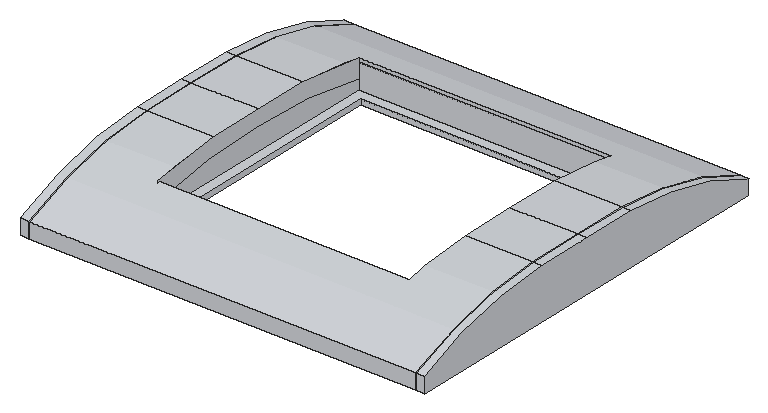
Revit family "Gira_021113", category Electrical Fixtures, host Face, Revit 2017
Family settings
  Host = Face
  Maintain Annotation Orientation = No
  Round Connector Dimension = Use Diameter
  Part Type = Normal
  Cut with Voids When Loaded = No
  Shared = No
  Room Calculation Point = No
Parameters (values of type "Abdeckrahmen 1f Zwischenr. AN Gira Event Opak Dklbraun")
  Werkstoffgüte = "Thermoplast"
  Werkstoff = "Kunststoff"
  URL = "http://katalog.gira.de/de_DE/datenblatt.html?artikelnr=021113"
  Transparent = "No"
  Textfeld/Beschriftungsfläche = "No"
  Schutzart (IP) = "IP20"
  Region = "DE"
  Oberfläche = "sonstige"
  Name = "Abdeckrahmen 1f Zwischenr. AN Gira Event Opak Dklbraun"
  Montagerichtung = "horizontal und vertikal"
  Mit Montagerahmen = "No"
  Mit Klappdeckel = "No"
  Manufacturer URL = "https://www.gira.de/"
  Keynote = "Event_Rahmen_1fach"
  HeinzeBIM = "https://bimportal.heinze.de/bim/abdeckrahmen-1f-zwischenr-an-gira-event-opak-dklbraun/d03981e5f68c3127de6c6938711068d10b3fd322"
  Halogenfrei = "Yes"
  HAN = "021113"
  Geeignet für Unterputz-Installation = "Yes"
  Geeignet für Unterflurkanaldose = "No"
  Geeignet für Geräteeinbaukanal = "No"
  Geeignet für Einbauinstallation = "No"
  GTIN = "4010337003090"
  Farbe = "braun"
  Default Elevation = 1219.2 mm
  Data sheet (1) = "https://katalog.gira.de/de_DE/download.html?artikelnr=021113"
  Category = "Abdeckrahmen"
  Befestigungsart = "Klemmbefestigung"
  Available = "Yes"
  Anzahl der Einheiten vertikal = "1 "
  Anzahl der Einheiten horizontal = "1 "
  Anzahl der Einheiten = "1 "
Reference planes
  plane 1 "Center (Front/Back)": y = 0
  plane 2: z = 0
  plane 3 "Center (Left/Right)": x = 0
Forms (mm)
  Extrusion 1, solid, detail levels fine
    sketch origin (0, 0, 1.55) x (0, 1, 0) y (0, 0, 1)
      loop
        arc (12.445, 9.683) -> (6.223, 9.833) -> (0, 9.85) r 291.636
        arc (0, 9.85) -> (-6.223, 9.833) -> (-12.445, 9.683) r 291.636
        arc (-12.445, 9.683) -> (-29.14, 7.482) -> (-45, 1.823) r 79.728
        line (-45, 1.823) -> (-45, -1.55) -> (-41.777, -1.55) -> (-41.777, -0.55)
        arc (-41.777, -0.55) -> (-21.205, 4.846) -> (0, 6.467) r 118.15
        arc (0, 6.467) -> (21.205, 4.846) -> (41.777, -0.55) r 118.15
        line (41.777, -0.55) -> (41.777, -1.55) -> (45, -1.55) -> (45, 1.823)
        arc (45, 1.823) -> (29.14, 7.482) -> (12.445, 9.683) r 79.728
    from -43 to 43
  Extrusion 2, void, detail levels fine
    sketch origin (0, 0, 0) x (1, 0, 0) y (0, 1, 0)
      loop
        line (-28, -28) -> (28, -28) -> (28, 28) -> (-28, 28) -> (-28, -28)
    from 2.85 to 12
  Extrusion 3, solid, detail levels coarse
    sketch origin (0, 0, 0) x (1, 0, 0) y (0, 1, 0)
      loop
        line (-45, 45) -> (-45, -45) -> (45, -45) -> (45, 45) -> (-45, 45)
    from 0 to 11.4
  Extrusion 4, solid, detail levels medium
    sketch origin (0, 0, 1.55) x (0, 1, 0) y (0, 0, 1)
      loop
        arc (12.445, 9.683) -> (6.223, 9.833) -> (0, 9.85) r 291.636
        arc (0, 9.85) -> (-6.223, 9.833) -> (-12.445, 9.683) r 291.636
        arc (-12.445, 9.683) -> (-29.14, 7.482) -> (-45, 1.823) r 79.728
        line (-45, 1.823) -> (-45, -1.55) -> (45, -1.55) -> (45, 1.823)
        arc (45, 1.823) -> (29.14, 7.482) -> (12.445, 9.683) r 79.728
    from -45 to 45
  Extrusion 5, solid, detail levels fine
    sketch origin (0, 0, 0) x (0, 1, 0) y (0, 0, 1)
      loop
        arc (45, 3.373) -> (29.14, 9.032) -> (12.445, 11.233) r 79.728
        arc (12.445, 11.233) -> (6.223, 11.383) -> (0, 11.4) r 291.636
        arc (0, 11.4) -> (-6.223, 11.383) -> (-12.445, 11.233) r 291.636
        arc (-12.445, 11.233) -> (-29.14, 9.032) -> (-45, 3.373) r 79.728
        line (-45, 3.373) -> (-45, 0) -> (45, 0) -> (45, 3.373)
    from 43 to 45
  Extrusion 6, solid, detail levels fine
    sketch origin (0, 0, 0) x (0, 1, 0) y (0, 0, -1)
      loop
        line (45, -3.373) -> (45, 0) -> (-45, 0) -> (-45, -3.373)
        arc (-45, -3.373) -> (-29.14, -9.032) -> (-12.445, -11.233) r 79.728
        arc (-12.445, -11.233) -> (-6.223, -11.383) -> (0, -11.4) r 291.636
        arc (0, -11.4) -> (6.223, -11.383) -> (12.445, -11.233) r 291.636
        arc (12.445, -11.233) -> (29.14, -9.032) -> (45, -3.373) r 79.728
    from 43 to 45
  Extrusion 7, solid, detail levels fine
    sketch origin (0, 0, 0) x (1, 0, 0) y (0, 1, 0)
      loop
        line (-25.7, 25.7) -> (-25.7, -25.7) -> (25.7, -25.7) -> (25.7, 25.7) -> (-25.7, 25.7)
      loop
        line (-29.495, 27.895) -> (-29.495, -27.895)
        spline (-29.495, -27.895) -> (-29.486, -28.025) -> (-29.461, -28.154) -> (-29.419, -28.278) -> (-29.361, -28.395) -> (-29.288, -28.504) -> (-29.202, -28.602) -> (-29.104, -28.688) -> (-28.995, -28.761) -> (-28.878, -28.819) -> (-28.754, -28.861) -> (-28.625, -28.886) -> (-28.495, -28.895)
        line (-28.495, -28.895) -> (28.495, -28.895)
        spline (28.495, -28.895) -> (28.625, -28.886) -> (28.754, -28.861) -> (28.878, -28.819) -> (28.995, -28.761) -> (29.104, -28.688) -> (29.202, -28.602) -> (29.288, -28.504) -> (29.361, -28.395) -> (29.419, -28.278) -> (29.461, -28.154) -> (29.486, -28.025) -> (29.495, -27.895)
        line (29.495, -27.895) -> (29.495, 27.895)
        spline (29.495, 27.895) -> (29.486, 28.025) -> (29.461, 28.154) -> (29.419, 28.278) -> (29.361, 28.395) -> (29.288, 28.504) -> (29.202, 28.602) -> (29.104, 28.688) -> (28.995, 28.761) -> (28.878, 28.819) -> (28.754, 28.861) -> (28.625, 28.886) -> (28.495, 28.895)
        line (28.495, 28.895) -> (-28.495, 28.895)
        spline (-28.495, 28.895) -> (-28.625, 28.886) -> (-28.754, 28.861) -> (-28.878, 28.819) -> (-28.995, 28.761) -> (-29.104, 28.688) -> (-29.202, 28.602) -> (-29.288, 28.504) -> (-29.361, 28.395) -> (-29.419, 28.278) -> (-29.461, 28.154) -> (-29.486, 28.025) -> (-29.495, 27.895)
    from 1.673 to 8.5
Cuts and joins
  Extrusion 2 cuts Extrusion 1
  Extrusion 2 cuts Extrusion 7
Dimensions and locks
  aligned and locked: plane 2 to host face
  aligned and locked: level to host face
